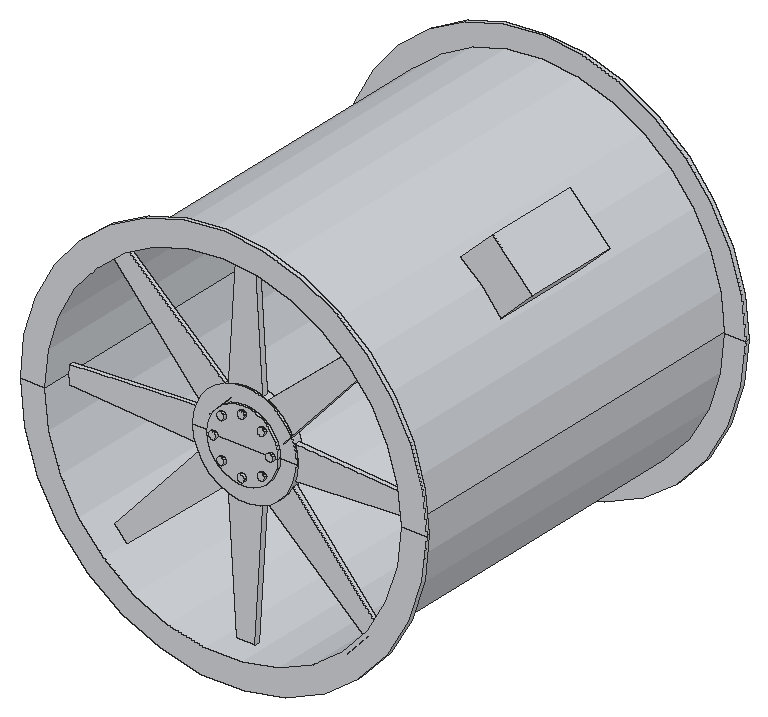
Revit family "CADS_Vent-Axia_MechEquip_Fan_LCA_500_1Ph4P - EXTRACT", category Mechanical Equipment, Revit 2020
Family settings
  Round Connector Dimension = Use Diameter
  Part Type = Normal
  OmniClass Number = 23.75.00.00
  OmniClass Title = Climate Control (HVAC)
  Work Plane-Based = No
  Always vertical = Yes
  Cut with Voids When Loaded = No
  Shared = No
  Room Calculation Point = No
Parameters (values of type "LCA501410")
  nr = NominalDiameter / 2  # 250 mm
  WorkingPressure = 0.0 Pa
  WarrantyStartDate [instance] = "1900-12-31T23:59:59"
  WarrantyPeriod = ""
  WarrantyIdentifier = "N/A"
  WarrantyGuarantorParts = "tech@vent-axia.com"
  WarrantyGuarantorLabor = "tech@vent-axia.com"
  WarrantyGuarantor = "Vent-Axia Limited"
  WarrantyEndDate [instance] = "1900-12-31T23:59:59"
  WarrantyContent = ""
  TemperatureRange = ""
  TagNumber [instance] = "N/A"
  SustainabilityPerformance = ""
  Status = "New"
  Size = ""
  Shape = ""
  ServiceLifeType = ""
  ServiceLifeDuration = ""
  SerialNumber [instance] = "N/A"
  ReplacementCost = ""
  RatedVoltage = 0 V
  RatedCurrent = 0 A
  Quantity = 1
  ProductionYear = ""
  PressureCurve = ""
  PowerFactor = ""
  PointOfContact = ""
  NumberOfPoles = 0
  NominalWidth = 500 mm
  NominalLength = 565 mm
  NominalHeight = 500 mm
  NominalFrequencyRange = ""
  NominalDiameter = 500 mm
  ModelReference = "LCAX 500mm 1PH 4P 10DEG"
  ModelNumber = "LCA501410"
  Material = ""
  ManufacturerE-Mail = "tech@vent-axia.com"
  ManufacturerAddress = "Fleming Way\nCrawley \nRH10 9YX"
  IsExtendedWarranty = no
  InsulationStandardClass = ""
  InstallationDate [instance] = "1900-12-31T23:59:59"
  IfcExportType [instance] = ""
  IfcExportAs = "IfcFanType"
  IP_Code = ""
  HasProtectiveEarth = no
  GrossWeight = 0.00 kg
  Grade = ""
  GlobalTradeItemNumber [instance] = "N/A"
  Fitting Type = "Ignore"
  Finish = ""
  Features = ""
  ExteriorInsulation = no
  ExpectedServiceLife = 0
  Exclusions = ""
  DurationUnit = "Year"
  Default Elevation = 0 mm
  Constituents = ""
  ConductorFunction = ""
  Color = ""
  CodePerformance = ""
  Category = ""
  CADS_Usage = 0
  CADS_Index = 0
  AssetType = "FIXED"
  AssetIdentifier [instance] = "N/A"
  AssemblyPlace = "UNKNOWN"
  ArticleNumber [instance] = "N/A"
  AirflowRateRange = 0.0 L/s
  Air Flow [instance] = 0.0 L/s
  AccessibilityPerformance = ""
Types (16, lengths in mm): name | ModelReference | ModelNumber
  LCA501410 | "LCAX 500mm 1PH 4P 10DEG" | "LCA501410"
  LCA501412 | "LCAX 500mm 1PH 4P 12DEG" | "LCA501412"
  LCA501414 | "LCAX 500mm 1PH 4P 14DEG" | "LCA501414"
  LCA501416 | "LCAX 500mm 1PH 4P 16DEG" | "LCA501416"
  LCA501418 | "LCAX 500mm 1PH 4P 18DEG" | "LCA501418"
  LCA501420 | "LCAX 500mm 1PH 4P 20DEG" | "LCA501420"
  LCA501422 | "LCAX 500mm 1PH 4P 22DEG" | "LCA501422"
  LCA501424 | "LCAX 500mm 1PH 4P 24DEG" | "LCA501424"
  LCA501426 | "LCAX 500mm 1PH 4P 26DEG" | "LCA501426"
  LCA501428 | "LCAX 500mm 1PH 4P 28DEG" | "LCA501428"
  LCA501430 | "LCAX 500mm 1PH 4P 30DEG" | "LCA501430"
  LCA501432 | "LCAX 500mm 1PH 4P 32DEG" | "LCA501432"
  LCA501434 | "LCAX 500mm 1PH 4P 34DEG" | "LCA501434"
  LCA501436 | "LCAX 500mm 1PH 4P 36DEG" | "LCA501436"
  LCA501438 | "LCAX 500mm 1PH 4P 38DEG" | "LCA501438"
  LCA501440 | "LCAX 500mm 1PH 4P 40DEG" | "LCA501440"
Reference planes
  plane 1 "Center (Front/Back)": y = 0
  plane 2: z = 0
  plane 3 "Center (Left/Right)": x = 0
  plane 4: x = -250
  plane 5: x = 250
  plane 6 "F": y = -282.5
  plane 7 "B": y = 282.5
  plane 8: x = -285
  plane 9: y = 277.5
  plane 10: y = -277.5
  plane 11: x = -255
  plane 12: y = -242.5
  plane 13 "top": z = 250
  plane 14: z = -250
  plane 15 "45deg": through (0, -1524, 0) normal (-0.7071, 0, -0.7071)
  plane 16 "C": through (0, -1524, 0) normal (-0.7071, 0, 0.7071)
Forms (mm)
  Revolve 1, solid
    sketch origin (0, 0, 0) x (1, 0, 0) y (0, 1, 0)
      loop
        line (-285, -282.5) -> (-250, -282.5) -> (-250, 282.5) -> (-285, 282.5) -> (-285, 277.5) -> (-255, 277.5) -> (-255, -277.5) -> (-285, -277.5) -> (-285, -282.5)
      axis (0, 282.5) -> (0, -282.5)
    angle from 0 to 360
  Sweep 2, solid
    path origin (0, 0, 0) x (1, 0, 0) y (0, 0, 1)
      loop
        line (176.777, 176.777) -> (222.739, 222.739)
    profile origin (199.758, 0, 199.758) x (-0.707107, 0, 0.707107) y (0, -1, 0)
      loop
        line (37.5, 55) -> (-42.73, 55) -> (-42.73, -79.5) -> (37.5, -79.5) -> (37.5, 55)
Dimensions and locks
  equal spacing: plane 4, plane 3 "Center (Left/Right)", plane 5
  equal spacing: plane 7 "B", plane 1 "Center (Front/Back)", plane 6 "F"
  "NominalLength": plane 7 "B" to plane 6 "F"
  "NominalDiameter": plane 4 to plane 5
  locked: plane 11 to plane 4 at 5
  locked: plane 8 to plane 11 at 30
  locked: plane 6 "F" to plane 10 at 5
  locked: plane 7 "B" to plane 9 at 5
  locked: plane 6 "F" to plane 12 at 40
  equal spacing: plane 13 "top", level, plane 14
  "NominalDiameter": plane 13 "top" to plane 14
  "nr": Sweep 2 sketch curve to nested 13
  Sweep 2 sketch curve to Sweep 2 sketch curve = 65 mm
  aligned and locked: level to plane 2
  aligned and locked: nested 1 to plane 12
Automatic sketch dimensions
  plane 6 "F" to Revolve 1 sketch curve = 0 mm
  Revolve 1 sketch curve to plane 8 = 0 mm  (x2)
  plane 10 to Revolve 1 sketch curve = 0 mm
  Revolve 1 sketch curve to plane 11 = 0 mm
  Revolve 1 sketch curve to plane 4 = 0 mm
  Revolve 1 sketch curve to plane 3 "Center (Left/Right)" = 0 mm
  plane 1 "Center (Front/Back)" to Revolve 1 sketch curve = 0 mm
  Revolve 1 sketch curve to plane 9 = 0 mm
  Revolve 1 sketch curve to plane 7 "B" = 0 mm
  plane 6 "F" to Revolve 1 sketch curve = 115 mm
  plane 1 "Center (Front/Back)" to Sweep 2 sketch curve = 55 mm
  Sweep 2 sketch curve to profile plane = 37.5 mm
  Sweep 2 sketch curve to Sweep 2 sketch curve = 80.23 mm
  Sweep 2 sketch curve to Sweep 2 sketch curve = 134.5 mm
  Sweep 2 sketch curve to plane 16 "C" = 0 mm  (x2)
Nested families
  nested 1: "Fan for ESC" at (0, -242.5, 0), ND <- "NominalDiameter", type "Fan for ESC"
    with hub 50 mm, ND 500 mm, BoltPCD 40 mm, Bolt Count 8, B_Diam 10 mm
  nested 2: "Bolts" at (0, -251.672, -40) x (-1, 0, 0) z (0, 1, 0), type "Bolts"
    with bd 10 mm
  nested 3: "Bolts" at (-28.284, -251.672, -28.284) x (-0.7071, 0, 0.7071) z (0, 1, 0), type "Bolts"
    with bd 10 mm
  nested 4: "Bolts" at (-40, -251.672, 0) x (0, 0, 1) z (0, 1, 0), type "Bolts"
    with bd 10 mm
  nested 5: "Bolts" at (-28.284, -251.672, 28.284) x (0.7071, 0, 0.7071) z (0, 1, 0), type "Bolts"
    with bd 10 mm
  nested 6: "Bolts" at (28.284, -251.672, 28.284) x (0.7071, 0, -0.7071) z (0, 1, 0), type "Bolts"
    with bd 10 mm
  nested 7: "Bolts" at (0, -251.672, 40) x (1, 0, 0) z (0, 1, 0), type "Bolts"
    with bd 10 mm
  nested 8: "ESC Blade" at (0, -242.5, 0), type "ESC Blade"
    with a 20.00°, HR 50 mm, HD 100 mm, BT 25 mm, BR 200 mm, BH 40 mm, BD 500 mm, BB 50 mm
  nested 9: "ESC Blade" at (0, -242.5, 0) x (0.7071, 0, -0.7071) z (0.7071, 0, 0.7071), type "ESC Blade"
    with a 20.00°, HR 50 mm, HD 100 mm, BT 25 mm, BR 200 mm, BH 40 mm, BD 500 mm, BB 50 mm
  nested 10: "ESC Blade" at (0, -242.5, 0) x (0, 0, -1) z (1, 0, 0), type "ESC Blade"
    with a 20.00°, HR 50 mm, HD 100 mm, BT 25 mm, BR 200 mm, BH 40 mm, BD 500 mm, BB 50 mm
  nested 11: "ESC Blade" at (0, -242.5, 0) x (-0.7071, 0, -0.7071) z (0.7071, 0, -0.7071), type "ESC Blade"
    with a 20.00°, HR 50 mm, HD 100 mm, BT 25 mm, BR 200 mm, BH 40 mm, BD 500 mm, BB 50 mm
  nested 12: "ESC Blade" at (0, -242.5, 0) x (-1, 0, 0) z (0, 0, -1), type "ESC Blade"
    with a 20.00°, HR 50 mm, HD 100 mm, BT 25 mm, BR 200 mm, BH 40 mm, BD 500 mm, BB 50 mm
  nested 13: "ESC Blade" at (0, -242.5, 0) x (-0.7071, 0, -0.7071) z (-0.7071, 0, 0.7071), type "ESC Blade"
    with a 20.00°, HR 50 mm, HD 100 mm, BT 25 mm, BR 200 mm, BH 40 mm, BD 500 mm, BB 50 mm
  nested 14: "ESC Blade" at (0, -242.5, 0) x (0, 0, -1) z (-1, 0, 0), type "ESC Blade"
    with a 20.00°, HR 50 mm, HD 100 mm, BT 25 mm, BR 200 mm, BH 40 mm, BD 500 mm, BB 50 mm
  nested 15: "ESC Blade" at (0, -242.5, 0) x (0.7071, 0, -0.7071) z (-0.7071, 0, -0.7071), type "ESC Blade"
    with a 20.00°, HR 50 mm, HD 100 mm, BT 25 mm, BR 200 mm, BH 40 mm, BD 500 mm, BB 50 mm
  nested 16: "Bolts" at (40, -251.672, 0) x (0, 0, -1) z (0, 1, 0), type "Bolts"
    with bd 10 mm
  nested 17: "Bolts" at (28.284, -251.672, -28.284) x (-0.7071, 0, -0.7071) z (0, 1, 0), type "Bolts"
    with bd 10 mm
Connectors
  hvac at (0, -282.5, 0), driven by "NominalDiameter", driven by "Air Flow"
    settings: on Revolve 1, index 1, duct flow 0.0 L/s, flow factor 0, pres drop 0.0 Pa, loss coef 0, conn angle 0.00°, conn width 304.8 mm, conn height 304.8 mm, conn diameter 500 mm, duct sys type 2, conn prof type 0, flow config 0, flow direction 1, loss method 0, conn ref index -1, conn util no, is conn primary yes, conn desc ""
  hvac at (0, 282.5, 0), driven by "NominalDiameter", driven by "Air Flow"
    settings: on Revolve 1, index 2, duct flow 0.0 L/s, flow factor 0, pres drop 0.0 Pa, loss coef 0, conn angle 0.00°, conn width 304.8 mm, conn height 304.8 mm, conn diameter 500 mm, duct sys type 3, conn prof type 0, flow config 1, flow direction 2, loss method 0, conn ref index -1, conn util no, is conn primary no, conn desc ""
Definition of nested family "Fan for ESC"
  Parameters (values of type "Fan for ESC")
    hub [instance] = ND / 10  # 56.7 mm
    ND [instance] = 567 mm
    Model = "."
    Default Elevation = 0 mm
    BoltPCD [instance] = hub - (hub * 0.2)  # 45.36 mm
    Bolt Count [instance] = if(hub < 50 mm, 6, 8)  # 8
    B_Diam [instance] = if(hub < 50 mm, 5 mm, 10 mm)  # 10 mm
  Reference planes
    plane 1 "Center (Front/Back)": y = 0
    plane 2: z = 0
    plane 3 "Center (Left/Right)": x = 0
    plane 4 "back": y = 20
    plane 5 "bolts": y = -9.172
    plane 6 "B": z = 56.7
    plane 7: x = -79.287
    plane 8: x = -56.7
    plane 9 "hubface": y = -6.172
  Forms (mm)
    Revolve 1, solid
      sketch origin (0, 0, 0) x (1, 0, 0) y (0, 1, 0)
        loop
          line (0, 20) -> (-56.7, 20) -> (-56.7, 10.504) -> (-79.287, 10.504) -> (-79.287, -2.597) -> (-56.7, -2.597) -> (-56.7, -6.172) -> (0, -6.172) -> (0, 20)
        axis (0, 20) -> (0, -6.172)
      angle from 0 to 360
    Extrusion 2, solid, not visible
      sketch origin (0, -6.347, -4) x (-1, 0, 0) y (0, 0, 1)
        loop
          circle (0, 84) r 5
      from 0 to 3
  Lines and regions (mm)
    symbolic lines
      curve 1: circle (0, -9.172, 0) r 45.36 normal (0, 1, 0)
    model lines, not visible
      curve 2: line (0, -6.347, 85) -> (0, -6.347, 75)
  Dimensions and locks
    "hub": plane 6 "B" to plane 2
    "hub": nested 3 to plane 3 "Center (Left/Right)"
    "hub": nested 4 to plane 3 "Center (Left/Right)"
    "hub": nested 5 to plane 3 "Center (Left/Right)"
    "hub": plane 3 "Center (Left/Right)" to nested 6
    "hub": Revolve 1 sketch curve to Revolve 1 sketch curve
    "hub": plane 3 "Center (Left/Right)" to nested 7
    "hub": plane 3 "Center (Left/Right)" to nested 8
    "hub": plane 3 "Center (Left/Right)" to nested 9
    "hub": plane 8 to plane 3 "Center (Left/Right)"
    plane 7 to plane 8 = 22.587 mm
    diameter of Extrusion 2 sketch curve = 10 mm
    "BoltPCD": radius of curve 1
    "BoltPCD": radius of radial array
    aligned and locked: level to plane 2
    aligned and locked: plane 6 "B" to nested 1
  Automatic sketch dimensions
    Revolve 1 sketch curve to plane 7 = 0 mm
    Revolve 1 sketch curve to plane 8 = 0 mm  (x2)
    Revolve 1 sketch curve to plane 3 "Center (Left/Right)" = 0 mm
    Revolve 1 sketch curve to plane 9 "hubface" = 0 mm
    plane 4 "back" to Revolve 1 sketch curve = 0 mm
    plane 1 "Center (Front/Back)" to Revolve 1 sketch curve = 2.597 mm
    plane 4 "back" to Revolve 1 sketch curve = 9.496 mm
    Revolve 1 sketch curve to Revolve 1 sketch curve = 5 mm
    Revolve 1 sketch curve to plane 4 "back" = 45 mm
    curve 1 to level = 0 mm
    curve 1 to plane 3 "Center (Left/Right)" = 0 mm
  Nested families
    nested 1: "ESC Blade" at (0, 0, 0), BD <- "ND", HD <- "hub", type "ESC Blade"
      with a 20.00°, HR 56.7 mm, HD 113.4 mm, BT 28.35 mm, BR 226.8 mm, BH 40 mm, BD 567 mm, BB 56.7 mm
    nested 2: "ESC Blade" at (0, 0, 755), BD <- "ND", HD <- "hub", type "ESC Blade", not visible
      with a 20.00°, HR 56.7 mm, HD 113.4 mm, BT 28.35 mm, BR 226.8 mm, BH 40 mm, BD 567 mm, BB 56.7 mm
    nested 3: "ESC Blade" at (0, 0, 0) x (0.7071, 0, -0.7071) z (0.7071, 0, 0.7071), BD <- "ND", HD <- "hub", type "ESC Blade"
      with a 20.00°, HR 56.7 mm, HD 113.4 mm, BT 28.35 mm, BR 226.8 mm, BH 40 mm, BD 567 mm, BB 56.7 mm
    nested 4: "ESC Blade" at (0, 0, 0) x (0, 0, -1) z (1, 0, 0), BD <- "ND", HD <- "hub", type "ESC Blade"
      with a 20.00°, HR 56.7 mm, HD 113.4 mm, BT 28.35 mm, BR 226.8 mm, BH 40 mm, BD 567 mm, BB 56.7 mm
    nested 5: "ESC Blade" at (0, 0, 0) x (-0.7071, 0, -0.7071) z (0.7071, 0, -0.7071), BD <- "ND", HD <- "hub", type "ESC Blade"
      with a 20.00°, HR 56.7 mm, HD 113.4 mm, BT 28.35 mm, BR 226.8 mm, BH 40 mm, BD 567 mm, BB 56.7 mm
    nested 6: "ESC Blade" at (0, 0, 0) x (-1, 0, 0) z (0, 0, -1), BD <- "ND", HD <- "hub", type "ESC Blade"
      with a 20.00°, HR 56.7 mm, HD 113.4 mm, BT 28.35 mm, BR 226.8 mm, BH 40 mm, BD 567 mm, BB 56.7 mm
    nested 7: "ESC Blade" at (0, 0, 0) x (-0.7071, 0, -0.7071) z (-0.7071, 0, 0.7071), BD <- "ND", HD <- "hub", type "ESC Blade"
      with a 20.00°, HR 56.7 mm, HD 113.4 mm, BT 28.35 mm, BR 226.8 mm, BH 40 mm, BD 567 mm, BB 56.7 mm
    nested 8: "ESC Blade" at (0, 0, 0) x (0, 0, -1) z (-1, 0, 0), BD <- "ND", HD <- "hub", type "ESC Blade"
      with a 20.00°, HR 56.7 mm, HD 113.4 mm, BT 28.35 mm, BR 226.8 mm, BH 40 mm, BD 567 mm, BB 56.7 mm
    nested 9: "ESC Blade" at (0, 0, 0) x (0.7071, 0, -0.7071) z (-0.7071, 0, -0.7071), BD <- "ND", HD <- "hub", type "ESC Blade"
      with a 20.00°, HR 56.7 mm, HD 113.4 mm, BT 28.35 mm, BR 226.8 mm, BH 40 mm, BD 567 mm, BB 56.7 mm
    nested 10: "Bolts" at (0, -9.172, 45.36) x (1, 0, 0) z (0, 1, 0), bd <- "B_Diam", type "Bolts"
      with bd 10 mm
    nested 11: "Bolts" at (32.074, -9.172, 32.074) x (0.7071, 0, -0.7071) z (0, 1, 0), bd <- "B_Diam", type "Bolts"
      with bd 10 mm
    nested 12: "Bolts" at (-32.074, -9.172, 32.074) x (0.7071, 0, 0.7071) z (0, 1, 0), bd <- "B_Diam", type "Bolts"
      with bd 10 mm
    nested 13: "Bolts" at (-45.36, -9.172, 0) x (0, 0, 1) z (0, 1, 0), bd <- "B_Diam", type "Bolts"
      with bd 10 mm
    nested 14: "Bolts" at (-32.074, -9.172, -32.074) x (-0.7071, 0, 0.7071) z (0, 1, 0), bd <- "B_Diam", type "Bolts"
      with bd 10 mm
    nested 15: "Bolts" at (0, -9.172, -45.36) x (-1, 0, 0) z (0, 1, 0), bd <- "B_Diam", type "Bolts"
      with bd 10 mm
    nested 16: "Bolts" at (32.074, -9.172, -32.074) x (-0.7071, 0, -0.7071) z (0, 1, 0), bd <- "B_Diam", type "Bolts"
      with bd 10 mm
    nested 17: "Bolts" at (45.36, -9.172, 0) x (0, 0, -1) z (0, 1, 0), bd <- "B_Diam", type "Bolts"
      with bd 10 mm
  Definition of nested family "ESC Blade"
    Parameters (values of type "ESC Blade")
      a [instance] = 20.00°
      HR [instance] = HD / 2  # 30 mm
      HD [instance] = BD / 5  # 60 mm
      Default Elevation = 1219.2 mm
      BT [instance] = BD / 20  # 15 mm
      BR [instance] = (BD / 2) - HR  # 120 mm
      BH [instance] = 40 mm
      BD [instance] = 300 mm
      BB [instance] = BD / 10  # 30 mm
    Reference planes
      plane 1 "Center (Front/Back)": y = 0
      plane 2: z = 0
      plane 3 "Center (Left/Right)": x = 0
      plane 4 "Blade Bot": z = 30
      plane 5: x = -15
      plane 6: x = 15
      plane 7: x = -7.5
      plane 8: x = 7.5
    Forms (mm)
      Blend 1, solid
        base sketch origin (0, 0, 30) x (-1, 0, 0) y (0, -1, 0)
          loop
            line (15, 0) -> (-15, 0) -> (-15, -6) -> (15, -6) -> (15, 0)
        top sketch origin (0, 0, 30) x (-1, 0, 0) y (0, -1, 0)
          loop
            line (7.5, -6) -> (7.5, 0) -> (-7.5, 0) -> (-7.5, -6) -> (7.5, -6)
        from 0 to 120 <- "BR"
    Dimensions and locks
      "HR": plane 4 "Blade Bot" to level
      equal spacing: plane 8, plane 3 "Center (Left/Right)", plane 7
      "BT": plane 8 to plane 7
      equal spacing: plane 6, plane 3 "Center (Left/Right)", plane 5
      "BB": plane 6 to plane 5
      aligned and locked: level to plane 2
    Automatic sketch dimensions
      plane 1 "Center (Front/Back)" to Blend 1 sketch curve = 0 mm  (x2)
      Blend 1 sketch curve to plane 6 = 0 mm
      Blend 1 sketch curve to plane 5 = 0 mm
      Blend 1 sketch curve to plane 1 "Center (Front/Back)" = 6 mm  (x2)
      Blend 1 sketch curve to plane 8 = 0 mm
      Blend 1 sketch curve to plane 7 = 0 mm
  Definition of nested family "Bolts"
    Parameters
      bd [instance] = 10 mm
      Default Elevation = 1219.2 mm
    Reference planes
      plane 1 "Center (Front/Back)": y = 0
      plane 2: z = 0
      plane 3 "Center (Left/Right)": x = 0
    Forms (mm)
      Extrusion 1, solid
        sketch origin (0, 0, 0) x (1, 0, 0) y (0, 1, 0)
          loop
            line (-1219.2, 1219.2) -> (-1219.2, -1219.2) -> (1219.2, -1219.2) -> (1219.2, 1219.2) -> (-1219.2, 1219.2)
        from 0 to -304.8
      Extrusion 2, solid
        sketch origin (0, 0, 0) x (1, 0, 0) y (0, 1, 0)
          loop
            circle (0, 0) r 5
        from 0 to 3
    Dimensions and locks
      "bd": diameter of Extrusion 2 sketch curve
      aligned and locked: plane 2 to Extrusion 1
      aligned and locked: level to Extrusion 1
    Automatic sketch dimensions
      Extrusion 1 sketch curve to Extrusion 1 sketch curve = 2438.4 mm  (x2)
      plane 1 "Center (Front/Back)" to Extrusion 2 sketch curve = 0 mm
      Extrusion 2 sketch curve to plane 3 "Center (Left/Right)" = 0 mm
Definition of nested family "Bolts"
  Parameters
    bd [instance] = 10 mm
    Default Elevation = 1219.2 mm
  Reference planes
    plane 1 "Center (Front/Back)": y = 0
    plane 2: z = 0
    plane 3 "Center (Left/Right)": x = 0
  Forms (mm)
    Extrusion 1, solid
      sketch origin (0, 0, 0) x (1, 0, 0) y (0, 1, 0)
        loop
          line (-1219.2, 1219.2) -> (-1219.2, -1219.2) -> (1219.2, -1219.2) -> (1219.2, 1219.2) -> (-1219.2, 1219.2)
      from 0 to -304.8
    Extrusion 2, solid
      sketch origin (0, 0, 0) x (1, 0, 0) y (0, 1, 0)
        loop
          circle (0, 0) r 5
      from 0 to 3
  Dimensions and locks
    "bd": diameter of Extrusion 2 sketch curve
    aligned and locked: plane 2 to Extrusion 1
    aligned and locked: level to Extrusion 1
  Automatic sketch dimensions
    Extrusion 1 sketch curve to Extrusion 1 sketch curve = 2438.4 mm  (x2)
    plane 1 "Center (Front/Back)" to Extrusion 2 sketch curve = 0 mm
    Extrusion 2 sketch curve to plane 3 "Center (Left/Right)" = 0 mm
Definition of nested family "ESC Blade"
  Parameters (values of type "ESC Blade")
    a [instance] = 20.00°
    HR [instance] = HD / 2  # 30 mm
    HD [instance] = BD / 5  # 60 mm
    Default Elevation = 1219.2 mm
    BT [instance] = BD / 20  # 15 mm
    BR [instance] = (BD / 2) - HR  # 120 mm
    BH [instance] = 40 mm
    BD [instance] = 300 mm
    BB [instance] = BD / 10  # 30 mm
  Reference planes
    plane 1 "Center (Front/Back)": y = 0
    plane 2: z = 0
    plane 3 "Center (Left/Right)": x = 0
    plane 4 "Blade Bot": z = 30
    plane 5: x = -15
    plane 6: x = 15
    plane 7: x = -7.5
    plane 8: x = 7.5
  Forms (mm)
    Blend 1, solid
      base sketch origin (0, 0, 30) x (-1, 0, 0) y (0, -1, 0)
        loop
          line (15, 0) -> (-15, 0) -> (-15, -6) -> (15, -6) -> (15, 0)
      top sketch origin (0, 0, 30) x (-1, 0, 0) y (0, -1, 0)
        loop
          line (7.5, -6) -> (7.5, 0) -> (-7.5, 0) -> (-7.5, -6) -> (7.5, -6)
      from 0 to 120 <- "BR"
  Dimensions and locks
    "HR": plane 4 "Blade Bot" to level
    equal spacing: plane 8, plane 3 "Center (Left/Right)", plane 7
    "BT": plane 8 to plane 7
    equal spacing: plane 6, plane 3 "Center (Left/Right)", plane 5
    "BB": plane 6 to plane 5
    aligned and locked: level to plane 2
  Automatic sketch dimensions
    plane 1 "Center (Front/Back)" to Blend 1 sketch curve = 0 mm  (x2)
    Blend 1 sketch curve to plane 6 = 0 mm
    Blend 1 sketch curve to plane 5 = 0 mm
    Blend 1 sketch curve to plane 1 "Center (Front/Back)" = 6 mm  (x2)
    Blend 1 sketch curve to plane 8 = 0 mm
    Blend 1 sketch curve to plane 7 = 0 mm
